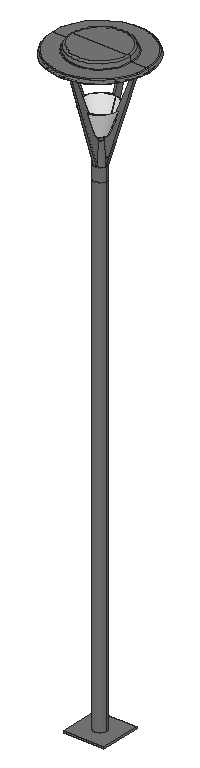
Revit family "Thorn AVENUE D2", category Lighting Fixtures, Revit 2016
Family settings
  Part Type = Normal
  Round Connector Dimension = Use Diameter
  OmniClass Number = 23.80.70.11
  OmniClass Title = Luminaries for Internal Lighting
  Work Plane-Based = No
  Always vertical = Yes
  Cut with Voids When Loaded = No
  Light Source = Yes
  Shared = No
  Room Calculation Point = No
Parameters (values of type "Avenue D2 R/S")
  Width = 596.00 mm  # constant formula
  Wattage = 11.9831 W
  built-in parameter 1150110 = 1 (stored number, unit not read)
  Voltage = 230 V
  URL = "www.thornlighting.com/96261383"
  Type Comments = "© Thorn. We reserve the right to make technical changes without prior notice."  # constant formula
  built-in parameter 1114217 = 1 (stored number, unit not read)
  Tilt Angle = -90.00°
  built-in parameter 1150109 = 1 (stored number, unit not read)
  built-in parameter 1150134 = (empty or 0)
  built-in parameter 1150113 = 1 (stored number, unit not read)
  Rod Height [instance] = 3000.00 mm
  Photometric Web File = "TLLA_AVD18L35RS3KG33_DC.IES"
  Model = "96261383"
  Manufacturer = "Thorn Lighting"  # constant formula
  built-in parameter 1150105 = 141.65 (stored number, unit not read)
  Lumens = 1780 lm
  built-in parameter 1150115 = 1 (stored number, unit not read)
  built-in parameter 1150137 = (empty or 0)
  built-in parameter 1150139 = (empty or 0)
  Length = 596.00 mm  # constant formula
  built-in parameter 1150112 = 1 (stored number, unit not read)
  Lamp Shield Copper [instance] = not(Lamp Shield Aluminium)  # no
  Lamp Shield Aluminium [instance] = yes
  built-in parameter 1150114 = 1 (stored number, unit not read)
  Lamp = "LED"
  built-in parameter 1150132 = 2
  built-in parameter 1150102 = (empty or 0)
  built-in parameter 1150107 = 3000 (stored number, unit not read)
  built-in parameter 1150138 = (empty or 0)
  built-in parameter 1150106 = 1.4165 (stored number, unit not read)
  Height = 732.00 mm  # constant formula
  Emit from Circle Diameter = 201.00 mm  # constant formula
  Emit Shape Visible in Rendering = no
  built-in parameter 1150104 = 13.8 (stored number, unit not read)
  Dimming Lamp Color Temperature Shift = <None>
  Description = "LED Amenity lighting lantern"  # constant formula
  Cover = Thorn_Glass_Self_llumination_Transparent
  Color Filter = 16777215
  Body = Thorn_Metal_Dark_Grey
  built-in parameter 1114218 = 1 (stored number, unit not read)
  built-in parameter 1150133 = 10 (stored number, unit not read)
  Assembly Code = "D5020210"
  Apparent Load = 21 VA
Types (2, lengths in mm): name | Wattage | URL | built-in parameter 1150134 | Rod Height | Photometric Web File | Model | built-in parameter 1150105 | Lumens | built-in parameter 1150107 | built-in parameter 1150106
  Avenue D2 R/S | 11.9831 W | "www.thornlighting.com/96261383" | (empty or 0) | 3000.00 | "TLLA_AVD18L35RS3KG33_DC.IES" | "96261383" | 141.65 (stored number, unit not read) | 1780 lm | 3000 (stored number, unit not read) | 1.4165 (stored number, unit not read)
  Avenue D2 WST | 13.4373 W | "www.thornlighting.com/96261401" | 12 | 4000.00 | "TLLA_AVD18L35WST4KG33_DC.IES" | "96261401" | 699.4 (stored number, unit not read) | 1996 lm | 4000 (stored number, unit not read) | 6.994 (stored number, unit not read)
Reference planes
  plane 1: z = 0
  plane 2 "Center (Front/Back)": y = -155
  plane 3 "Center (Left/Right)": x = -200
  plane 4: z = 3000
  plane 5: z = 3638.9
Forms (mm)
  Extrusion 1, solid, material "Thorn_Metal_Dark_Grey" <- "Body"
    sketch origin (0, 0, 0) x (1, 0, 0) y (0, 1, 0)
      loop
        line (-323.5, -278.5) -> (-76.5, -278.5) -> (-76.5, -31.5) -> (-323.5, -31.5) -> (-323.5, -278.5)
    from 0 to 10
  Extrusion 2, solid, material "Thorn_Metal_Dark_Grey" <- "Body"
    sketch origin (0, 0, 0) x (1, 0, 0) y (0, 1, 0)
      loop
        circle (-200, -155) r 38
    from 3000 to 10
  Extrusion 3, solid, material "Thorn_Metal_Dark_Grey" <- "Body"
    sketch origin (0, -155, 0) x (-1, 0, 0) y (0, 0, -1)
      loop
        line (428.61, -3663.941) -> (238, -3081.681) -> (227.905, -3217.257) -> (243.137, -3255.164) -> (251.25, -3255.164) -> (311.36, -3404.753) -> (305.132, -3409.446) -> (407.396, -3663.941) -> (428.61, -3663.941)
      loop
        line (-28.61, -3663.941) -> (-7.396, -3663.941) -> (94.868, -3409.446) -> (88.64, -3404.753) -> (148.75, -3255.164) -> (156.863, -3255.164) -> (172.095, -3217.257) -> (162, -3081.681) -> (-28.61, -3663.941)
    from -7 to 7
  Revolve 4, solid, material "Thorn_Metal_Dark_Grey" <- "Body"
    sketch origin (0, -155, 0) x (-1, 0, 0) y (0, 0, 1)
      loop
        line (498.012, 3680.934) -> (490.736, 3696.547) -> (484.814, 3700.3) -> (391.847, 3700.3) -> (387.346, 3703.187) -> (377.786, 3723.726)
        arc (377.786, 3723.726) -> (373.052, 3729.129) -> (366.156, 3731.14) r 12.828
        line (366.156, 3731.14) -> (200, 3731.14) -> (200, 3588.625)
        arc (200, 3588.625) -> (270.337, 3619.259) -> (344.499, 3638.9) r 505.625
        line (344.499, 3638.9) -> (368.806, 3644.062) -> (405.243, 3661.148) -> (432.808, 3664.537) -> (490.911, 3679.072) -> (491.968, 3680.3) -> (496.654, 3680.3) -> (498.012, 3680.934)
      axis (200, 3588.625) -> (200, 3731.14)
    angle from 0 to 360
  Extrusion 5, solid, material "Thorn_Metal_Dark_Grey" <- "Body"
    sketch origin (-200, -355, 0) x (0, 1, 0) y (0, 0, -1)
      loop
        line (428.61, -3663.941) -> (238, -3081.681) -> (227.905, -3217.257) -> (243.137, -3255.164) -> (251.25, -3255.164) -> (311.36, -3404.753) -> (305.132, -3409.446) -> (407.396, -3663.941) -> (428.61, -3663.941)
      loop
        line (-28.61, -3663.941) -> (-7.396, -3663.941) -> (94.868, -3409.446) -> (88.64, -3404.753) -> (148.75, -3255.164) -> (156.863, -3255.164) -> (172.095, -3217.257) -> (162, -3081.681) -> (-28.61, -3663.941)
    from -7 to 7
  Revolve 6, solid, material "Thorn_Metal_Aluminuim", visible <- "Lamp Shield Aluminium"
    sketch origin (0, -155, 0) x (-1, 0, 0) y (0, 0, 1)
      loop
        line (311.36, 3404.753) -> (307.049, 3404.753) -> (248.547, 3259.164) -> (200, 3259.164) -> (200, 3255.164) -> (251.25, 3255.164) -> (311.36, 3404.753)
      axis (200, 3404.753) -> (200, 3255.164)
    angle from 0 to 360
  Revolve 7, solid, material "Thorn_Metal_Dark_Grey" <- "Body"
    sketch origin (0, -155, 0) x (-1, 0, 0) y (0, 0, 1)
      loop
        line (238, 3081.681) -> (227.905, 3217.257) -> (200, 3217.257) -> (200, 3000) -> (238, 3000) -> (238, 3081.681)
      loop
        line (219.6, 3229) -> (200, 3229) -> (200, 3221.8) -> (220.78, 3221.8) -> (219.6, 3229)
      axis (200, 3229) -> (200, 3000)
    angle from 0 to 360
  Revolve 8, solid, material "Zumtobel Copper", visible <- "Lamp Shield Copper"
    sketch origin (0, -155, 0) x (-1, 0, 0) y (0, 0, 1)
      loop
        line (311.36, 3404.753) -> (307.049, 3404.753) -> (248.547, 3259.164) -> (200, 3259.164) -> (200, 3255.164) -> (251.25, 3255.164) -> (311.36, 3404.753)
      axis (200, 3404.753) -> (200, 3255.164)
    angle from 0 to 360
Dimensions and locks
  "Rod Height": plane 4 to plane 1
  locked: plane 5 to plane 4 at 638.9
  aligned: imposter light to plane 2 "Center (Front/Back)"
  aligned: imposter light to plane 3 "Center (Left/Right)"
  aligned and locked: imposter light to plane 3 "Center (Left/Right)"
  aligned and locked: plane 2 "Center (Front/Back)" to imposter light
  aligned and locked: plane 4 to Extrusion 2
  aligned and locked: imposter light to plane 5
Automatic sketch dimensions
  Extrusion 1 sketch curve to plane 3 "Center (Left/Right)" = 123.50 mm
  plane 3 "Center (Left/Right)" to Extrusion 1 sketch curve = 123.50 mm
  plane 2 "Center (Front/Back)" to Extrusion 1 sketch curve = 123.50 mm
  Extrusion 1 sketch curve to plane 2 "Center (Front/Back)" = 123.50 mm
  plane 2 "Center (Front/Back)" to Extrusion 2 sketch curve = 0.00 mm
  Extrusion 2 sketch curve to plane 3 "Center (Left/Right)" = 0.00 mm
  Extrusion 3 sketch curve to plane 5 = 25.041 mm  (x2)
  Extrusion 3 sketch curve to plane 3 "Center (Left/Right)" = 228.61 mm
  Extrusion 3 sketch curve to Extrusion 3 sketch curve = 21.215 mm  (x2)
  Extrusion 3 sketch curve to plane 3 "Center (Left/Right)" = 111.36 mm
  Extrusion 3 sketch curve to Extrusion 3 sketch curve = 6.228 mm  (x2)
  Extrusion 3 sketch curve to plane 3 "Center (Left/Right)" = 51.25 mm
  Extrusion 3 sketch curve to Extrusion 3 sketch curve = 8.114 mm  (x2)
  Extrusion 3 sketch curve to plane 3 "Center (Left/Right)" = 38.00 mm
  Extrusion 3 sketch curve to plane 3 "Center (Left/Right)" = 27.905 mm
  plane 3 "Center (Left/Right)" to Extrusion 3 sketch curve = 27.905 mm
  plane 3 "Center (Left/Right)" to Extrusion 3 sketch curve = 38.00 mm
  Extrusion 3 sketch curve to Extrusion 3 sketch curve = 15.232 mm
  plane 3 "Center (Left/Right)" to Extrusion 3 sketch curve = 105.132 mm
  plane 3 "Center (Left/Right)" to Extrusion 3 sketch curve = 207.396 mm
  plane 5 to Extrusion 3 sketch curve = 229.454 mm
  Extrusion 3 sketch curve to Extrusion 3 sketch curve = 0.00 mm  (x3)
  Extrusion 3 sketch curve to Extrusion 3 sketch curve = 4.693 mm  (x2)
  Extrusion 3 sketch curve to Extrusion 3 sketch curve = 149.589 mm
  Extrusion 3 sketch curve to Extrusion 3 sketch curve = 37.907 mm  (x2)
  Extrusion 3 sketch curve to plane 4 = 81.681 mm
  Revolve 4 sketch curve to plane 3 "Center (Left/Right)" = 0.00 mm  (x2)
  Revolve 4 sketch curve to plane 5 = 0.00 mm
  plane 3 "Center (Left/Right)" to Revolve 4 sketch curve = 144.499 mm
  Revolve 4 sketch curve to Revolve 4 sketch curve = 21.657 mm
  Revolve 4 sketch curve to plane 5 = 5.162 mm
  Revolve 4 sketch curve to Revolve 4 sketch curve = 24.307 mm
  Revolve 4 sketch curve to plane 5 = 84.826 mm
  Revolve 4 sketch curve to Revolve 4 sketch curve = 11.63 mm
  Revolve 4 sketch curve to plane 5 = 64.287 mm
  Revolve 4 sketch curve to Revolve 4 sketch curve = 9.561 mm
  Revolve 4 sketch curve to Revolve 4 sketch curve = 4.501 mm
  Revolve 4 sketch curve to plane 5 = 22.248 mm
  Revolve 4 sketch curve to Revolve 4 sketch curve = 36.437 mm
  Revolve 4 sketch curve to plane 5 = 25.637 mm
  Revolve 4 sketch curve to Revolve 4 sketch curve = 27.565 mm
  plane 3 "Center (Left/Right)" to Revolve 4 sketch curve = 236.488 mm
  Revolve 4 sketch curve to Revolve 4 sketch curve = 52.006 mm
  Revolve 4 sketch curve to plane 5 = 57.647 mm
  Revolve 4 sketch curve to Revolve 4 sketch curve = 5.922 mm
  Revolve 4 sketch curve to plane 5 = 40.172 mm
  Revolve 4 sketch curve to Revolve 4 sketch curve = 0.175 mm
  Revolve 4 sketch curve to plane 5 = 41.40 mm
  Revolve 4 sketch curve to Revolve 4 sketch curve = 1.058 mm
  Revolve 4 sketch curve to Revolve 4 sketch curve = 4.685 mm
  Revolve 4 sketch curve to plane 5 = 42.034 mm
  Revolve 4 sketch curve to Revolve 4 sketch curve = 1.359 mm
  plane 5 to Revolve 4 sketch curve = 50.275 mm
  Revolve 4 sketch curve to Revolve 4 sketch curve = 3.753 mm
  Revolve 4 sketch curve to Revolve 4 sketch curve = 5.413 mm
  Revolve 4 sketch curve to Revolve 4 sketch curve = 0.00 mm
  Revolve 4 sketch curve to Revolve 4 sketch curve = 35.00 mm
  plane 5 to Extrusion 5 sketch curve = 25.041 mm  (x2)
  plane 2 "Center (Front/Back)" to Extrusion 5 sketch curve = 228.61 mm
  Extrusion 5 sketch curve to Extrusion 5 sketch curve = 21.215 mm  (x2)
  plane 2 "Center (Front/Back)" to Extrusion 5 sketch curve = 111.36 mm
  Extrusion 5 sketch curve to Extrusion 5 sketch curve = 6.228 mm  (x2)
  plane 2 "Center (Front/Back)" to Extrusion 5 sketch curve = 51.25 mm
  Extrusion 5 sketch curve to Extrusion 5 sketch curve = 8.114 mm  (x2)
  plane 2 "Center (Front/Back)" to Extrusion 5 sketch curve = 38.00 mm
  plane 2 "Center (Front/Back)" to Extrusion 5 sketch curve = 27.905 mm
  Extrusion 5 sketch curve to plane 2 "Center (Front/Back)" = 27.905 mm
  Extrusion 5 sketch curve to plane 2 "Center (Front/Back)" = 38.00 mm
  Extrusion 5 sketch curve to Extrusion 5 sketch curve = 15.232 mm
  Extrusion 5 sketch curve to plane 2 "Center (Front/Back)" = 105.132 mm
  Extrusion 5 sketch curve to plane 2 "Center (Front/Back)" = 207.396 mm
  Extrusion 5 sketch curve to plane 5 = 229.454 mm
  Extrusion 5 sketch curve to Extrusion 5 sketch curve = 0.00 mm  (x3)
  Extrusion 5 sketch curve to Extrusion 5 sketch curve = 4.693 mm  (x2)
  Extrusion 5 sketch curve to Extrusion 5 sketch curve = 149.589 mm
  Extrusion 5 sketch curve to Extrusion 5 sketch curve = 37.907 mm  (x2)
  plane 4 to Extrusion 5 sketch curve = 81.681 mm
  Revolve 6 sketch curve to plane 3 "Center (Left/Right)" = 0.00 mm  (x2)
  plane 3 "Center (Left/Right)" to Revolve 6 sketch curve = 48.547 mm
  Revolve 6 sketch curve to Revolve 6 sketch curve = 2.704 mm
  plane 3 "Center (Left/Right)" to Revolve 6 sketch curve = 107.049 mm
  Revolve 6 sketch curve to Revolve 6 sketch curve = 4.311 mm
  Revolve 6 sketch curve to plane 4 = 255.164 mm
  Revolve 6 sketch curve to Revolve 6 sketch curve = 4.00 mm
  Revolve 6 sketch curve to Revolve 6 sketch curve = 145.589 mm
  Revolve 6 sketch curve to Revolve 6 sketch curve = 24.999 mm
  Revolve 6 sketch curve to Revolve 6 sketch curve = 0.001 mm
  Revolve 7 sketch curve to plane 3 "Center (Left/Right)" = 0.00 mm  (x3)
  Revolve 7 sketch curve to plane 4 = 0.00 mm
  plane 3 "Center (Left/Right)" to Revolve 7 sketch curve = 19.60 mm
  Revolve 7 sketch curve to Revolve 7 sketch curve = 1.18 mm
  Revolve 7 sketch curve to Revolve 7 sketch curve = 7.125 mm
  plane 3 "Center (Left/Right)" to Revolve 7 sketch curve = 38.00 mm
  Revolve 7 sketch curve to Revolve 7 sketch curve = 81.681 mm
  Revolve 7 sketch curve to Revolve 7 sketch curve = 135.576 mm
  Revolve 7 sketch curve to Revolve 7 sketch curve = 4.543 mm
  Revolve 7 sketch curve to Revolve 7 sketch curve = 7.20 mm
  Revolve 7 sketch curve to Revolve 7 sketch curve = 1.681 mm
  Revolve 7 sketch curve to Revolve 7 sketch curve = 15.00 mm
  Revolve 8 sketch curve to plane 3 "Center (Left/Right)" = 0.00 mm
  Revolve 8 sketch curve to Revolve 8 sketch curve = 48.547 mm
  Revolve 8 sketch curve to Revolve 8 sketch curve = 2.704 mm
  Revolve 8 sketch curve to Revolve 8 sketch curve = 58.502 mm
  Revolve 8 sketch curve to Revolve 8 sketch curve = 4.311 mm
  Revolve 8 sketch curve to plane 4 = 255.164 mm
  Revolve 8 sketch curve to Revolve 8 sketch curve = 4.00 mm
  Revolve 8 sketch curve to Revolve 8 sketch curve = 145.589 mm
  Revolve 8 sketch curve to Revolve 8 sketch curve = 0.00 mm
  Revolve 8 sketch curve to Revolve 8 sketch curve = 24.999 mm
  Revolve 8 sketch curve to Revolve 8 sketch curve = 0.001 mm
  radius of Extrusion 2 sketch curve = 38.00 mm
Connectors
  electrical at (-200, -155, 0), driven by "Voltage", driven by "Apparent Load"
    settings: on Extrusion 1, index 1, voltage 230 V, apparent load 21 VA, apparent load phase1 0 VA, apparent load phase2 0 VA, apparent load phase3 0 VA, power factor 1, load classification "Lighting", number of poles 1, system type 30, power factor state 1, is connector primary yes, connector utility no, sub classification motor no, connector description "Power"
